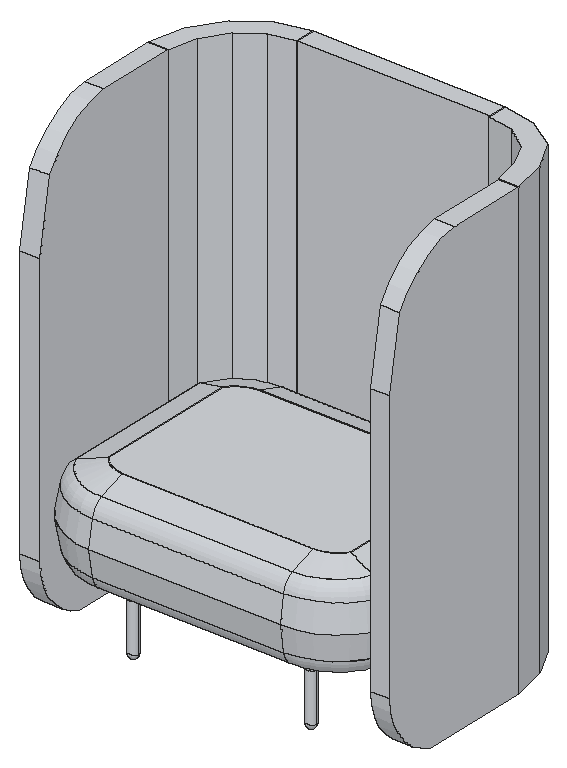
Revit family "Bernhardt-Design_Seating_Chapelle_1-Seat_Full-Wall", category Furniture, Revit 2016
Family settings
  OmniClass Number = 23.40.70.14.64
  OmniClass Title = Retail and Commercial Furnishings
  Work Plane-Based = No
  Always vertical = Yes
  Cut with Voids When Loaded = No
  Shared = No
  Room Calculation Point = No
Parameters (values of type "2 Seat Full Wall")
  Model = "Chapelle"
  Mid Wall = 4' - 1.80644"
  Length = 65' - 9"
  Description = "Seating"
  Width = 2' - 4 1/4"
  URL = "http://bernhardtdesign.com/"
  Product Page URL = "http://www.bernhardtdesign.com/products/chapelle/index.html"
  Product Name = "Chapelle"
  Product Documentation Link = "http://www.bernhardtdesign.com/pdf/pricelists/sofas/Chapelle_PL.pdf"
  Manufacturer = "Bernhardt Design"  # constant formula
  Level Certification = ""
  Height = 3' - 11 3/8"
  GreenGuard Certification = ""
  Bernhardt Fabric = none
Reference planes (in)
  plane 1 "Center (Front/Back)": y = 0
  plane 2 "Bottom": z = 0
  plane 3 "Center (Left/Right)": x = 0
  plane 4: x = -9.84486
  plane 5: x = 9.94255
  plane 6 "Total Height": z = 47.375
  plane 7 "Seat Height": z = 16.87819
  plane 8 "Base": z = 0.76323
  plane 9: y = -1.50846
  plane 10: y = -18.00846
  plane 11 "seat front edge": y = -20.50934
  plane 12: x = -18.99988
  plane 13: x = 19.00012
Forms (in)
  Extrusion 1, solid, material <- "Bernhardt Fabric"
    sketch origin (0, 0, 0) x (1, 0, 0) y (0, 1, 0)
      loop
        line (-9.84486, 8.08149) -> (-9.84486, 6.08149) -> (9.94255, 6.08149) -> (9.94255, 8.08149) -> (-9.84486, 8.08149)
    from 0.76323 to 47.375
  Extrusion 2, solid, material <- "Bernhardt Fabric"
    sketch origin (0, 0, 0) x (1, 0, 0) y (0, 1, 0)
      loop
        line (9.94255, 8.08149) -> (9.94255, 6.03681) -> (12.58766, 5.47458) -> (15.07574, 3.8588) -> (16.34123, 1.38119) -> (16.95544, -1.50846) -> (19.00012, -1.50846) -> (18.22045, 2.15959) -> (16.52155, 5.30461) -> (13.36606, 7.3538) -> (9.94255, 8.08149)
    from 0.76323 to 47.375
  Extrusion 3, solid, material <- "Bernhardt Fabric"
    sketch origin (0, 0, 0) x (1, 0, 0) y (0, 1, 0)
      loop
        line (19.00012, -1.50846) -> (17.00012, -1.50846) -> (17.00012, -18.00846) -> (19.00012, -18.00846) -> (19.00012, -1.50846)
    from 0.76323 to 47.375
  Extrusion 4, void
    sketch origin (0, 0, 0) x (0, 1, 0) y (0, 0, 1)
      loop
        line (-9.75846, 47.375) -> (-9.75846, 53.875) -> (-24.50846, 53.875) -> (-18.00846, 29.97832)
        arc (-18.00846, 29.97832) -> (-17.92454, 36.30552) -> (-16.7009, 42.51385) r 34.94218
        arc (-16.7009, 42.51385) -> (-13.79438, 45.75091) -> (-9.75846, 47.375) r 9.61187
      loop
        line (-18.00846, 7.50157) -> (-23.08796, -4.465) -> (-12.78184, 0.76323)
        arc (-12.78184, 0.76323) -> (-16.52625, 3.25506) -> (-18.00846, 7.50157) r 7.06609
    from 0 to 44.91622
  Extrusion 5, solid, material <- "Bernhardt Fabric"
    sketch origin (0, 0, 0) x (1, 0, 0) y (0, 1, 0)
      loop
        line (-13.26838, 7.3538) -> (-16.17781, 5.30461) -> (-18.22021, 2.15959) -> (-18.99988, -1.50846) -> (-16.9552, -1.50846) -> (-16.34098, 1.38119) -> (-14.732, 3.8588) -> (-12.48998, 5.47458) -> (-9.84486, 6.03681) -> (-9.84486, 8.08149) -> (-13.26838, 7.3538)
    from 0.76323 to 47.375
  Extrusion 6, solid, material <- "Bernhardt Fabric"
    sketch origin (0, 0, 0) x (1, 0, 0) y (0, 1, 0)
      loop
        line (-18.99988, -1.50846) -> (-18.99988, -18.00846) -> (-16.99988, -18.00846) -> (-16.99988, -1.50846) -> (-18.99988, -1.50846)
    from 0.76323 to 47.375
  Extrusion 7, void
    sketch origin (0, 0, 0) x (0, 1, 0) y (0, 0, 1)
      loop
        line (-1.50846, 47.375) -> (-35.50846, 72.76323) -> (-35.50846, -9.98677) -> (-1.50846, -9.98677) -> (-1.50846, 0.76323) -> (-12.78184, 0.76323)
        arc (-12.78184, 0.76323) -> (-16.52625, 3.25506) -> (-18.00846, 7.50157) r 7.06609
        line (-18.00846, 7.50157) -> (-18.00846, 35.38256)
        arc (-18.00846, 35.38256) -> (-17.54014, 38.98221) -> (-16.7009, 42.51385) r 34.94218
        arc (-16.7009, 42.51385) -> (-13.79438, 45.75091) -> (-9.75846, 47.375) r 9.61187
        line (-9.75846, 47.375) -> (-1.50846, 47.375)
    from -56.62088 to -11.41934
Cuts and joins
  Extrusion 4 cuts Extrusion 3
  Extrusion 7 cuts Extrusion 6
Lines and regions (in)
  symbolic lines
    curve 1: line (-18.22021, 2.15959, 0) -> (-18.99988, -1.50846, 0)
    curve 2: line (-16.17781, 5.30461, 0) -> (-18.22021, 2.15959, 0)
    curve 3: line (-13.26838, 7.3538, 0) -> (-16.17781, 5.30461, 0)
    curve 4: line (-9.84486, 8.08149, 0) -> (-13.26838, 7.3538, 0)
    curve 5: line (-12.48998, 5.47458, 0) -> (-9.63466, 6.08149, 0)
    curve 6: line (-14.732, 3.8588, 0) -> (-12.48998, 5.47458, 0)
    curve 7: line (-16.34098, 1.38119, 0) -> (-14.732, 3.8588, 0)
    curve 8: line (-16.99988, -1.71867, 0) -> (-16.34098, 1.38119, 0)
    curve 9: line (-16.99988, -18.00846, 0) -> (-16.99988, -1.71867, 0)
    curve 10: line (-18.99988, -18.00846, 0) -> (-16.99988, -18.00846, 0)
    curve 11: line (-18.99988, -1.50846, 0) -> (-18.99988, -18.00846, 0)
    curve 12: line (-9.63466, 6.08149, 0) -> (8.34631, 6.08149, 0)
    curve 13: line (9.94255, 8.08149, 0) -> (-9.84486, 8.08149, 0)
    curve 14: line (13.36606, 7.3538, 0) -> (9.94255, 8.08149, 0)
    curve 15: line (9.73234, 6.08149, 0) -> (12.58766, 5.47458, 0)
    curve 16: line (12.58766, 5.47458, 0) -> (15.07574, 3.8588, 0)
    curve 17: line (16.52155, 5.30461, 0) -> (13.36606, 7.3538, 0)
    curve 18: line (18.22045, 2.15959, 0) -> (16.52155, 5.30461, 0)
    curve 19: line (15.07574, 3.8588, 0) -> (16.34123, 1.38119, 0)
    curve 20: line (19.00012, -1.50846, 0) -> (18.22045, 2.15959, 0)
    curve 21: line (16.34123, 1.38119, 0) -> (17.00012, -1.71867, 0)
    curve 22: line (17.00012, -1.71867, 0) -> (17.00012, -18.00846, 0)
    curve 23: line (19.00012, -18.00846, 0) -> (19.00012, -1.50846, 0)
    curve 24: line (17.00012, -18.00846, 0) -> (19.00012, -18.00846, 0)
Dimensions and locks (in)
  "Height": plane 6 "Total Height" to level
  Extrusion 3 to plane 1 "Center (Front/Back)" = 0' - 1.50846"
  aligned and locked: plane 2 "Bottom" to level
  aligned and locked: Extrusion 1 sketch curve to plane 4
  aligned and locked: Extrusion 1 sketch curve to plane 5
  aligned and locked: Extrusion 1 to plane 8 "Base"
  aligned and locked: plane 6 "Total Height" to Extrusion 1
  aligned and locked: plane 6 "Total Height" to Extrusion 2
  aligned and locked: Extrusion 2 to plane 8 "Base"
  aligned and locked: Extrusion 1 to Extrusion 3
  aligned and locked: Extrusion 3 to plane 8 "Base"
  aligned and locked: plane 6 "Total Height" to Extrusion 3
  aligned and locked: Extrusion 3 to Extrusion 2
  aligned and locked: plane 9 to Extrusion 5 sketch curve
  aligned and locked: Extrusion 5 to Extrusion 1
  aligned and locked: plane 6 "Total Height" to Extrusion 5
  aligned and locked: Extrusion 6 sketch curve to Extrusion 5
  aligned and locked: plane 10 to Extrusion 6 sketch curve
  aligned and locked: Extrusion 6 to Extrusion 1
  aligned and locked: plane 6 "Total Height" to Extrusion 6
Automatic sketch dimensions
  Extrusion 1 sketch curve to plane 1 "Center (Front/Back)" = 0' - 6.08149"
  Extrusion 1 sketch curve to Extrusion 1 sketch curve = 0' - 2"
  Extrusion 2 sketch curve to plane 5 = 0' - 0"
  plane 9 to Extrusion 2 sketch curve = 0' - 0"
  Extrusion 2 sketch curve to plane 13 = 0' - 0"
  Extrusion 2 sketch curve to plane 1 "Center (Front/Back)" = 0' - 1.38119"
  plane 5 to Extrusion 2 sketch curve = 0' - 2.64512"
  Extrusion 2 sketch curve to Extrusion 2 sketch curve = 0' - 0.7784"  (x2)
  Extrusion 2 sketch curve to Extrusion 2 sketch curve = 0' - 2.48808"
  Extrusion 2 sketch curve to Extrusion 2 sketch curve = 0' - 1.44581"  (x2)
  plane 13 to Extrusion 2 sketch curve = 0' - 2.6589"
  plane 13 to Extrusion 2 sketch curve = 0' - 2.04468"
  plane 13 to Extrusion 2 sketch curve = 0' - 0.77967"
  Extrusion 2 sketch curve to Extrusion 2 sketch curve = 0' - 2.47761"
  Extrusion 2 sketch curve to Extrusion 2 sketch curve = 0' - 1.61577"
  Extrusion 2 sketch curve to Extrusion 2 sketch curve = 0' - 0.56224"
  Extrusion 2 sketch curve to Extrusion 2 sketch curve = 0' - 1.87923"
  Extrusion 2 sketch curve to Extrusion 2 sketch curve = 0' - 2.04468"
  plane 10 to Extrusion 3 sketch curve = 0' - 0"
  plane 9 to Extrusion 3 sketch curve = 0' - 0"
  Extrusion 3 sketch curve to plane 13 = 0' - 0"
  Extrusion 3 sketch curve to Extrusion 3 sketch curve = 0' - 2"
  Extrusion 4 sketch curve to plane 10 = 0' - 0"  (x2)
  Extrusion 4 sketch curve to plane 8 "Base" = 0' - 0"
  Extrusion 4 sketch curve to plane 6 "Total Height" = 0' - 0"
  Extrusion 4 sketch curve to level = 0' - 4.465"
  Extrusion 4 sketch curve to plane 11 "seat front edge" = 0' - 2.57862"
  Extrusion 4 sketch curve to plane 11 "seat front edge" = 0' - 3.99912"
  Extrusion 4 sketch curve to plane 10 = 0' - 5.22662"
  plane 9 to Extrusion 4 sketch curve = 0' - 8 1/4"
  Extrusion 4 sketch curve to plane 10 = 0' - 1.30756"
  plane 8 "Base" to Extrusion 4 sketch curve = 0' - 6.8226"
  Extrusion 4 sketch curve to Extrusion 4 sketch curve = 0' - 7.06559"
  plane 9 to Extrusion 4 sketch curve = 0' - 6.77278"
  Extrusion 4 sketch curve to plane 1 "Center (Front/Back)" = 1' - 4.82908"
  plane 7 "Seat Height" to Extrusion 4 sketch curve = 1' - 1.10012"
  Extrusion 4 sketch curve to Extrusion 4 sketch curve = 0' - 6 1/2"
  Extrusion 4 sketch curve to Extrusion 4 sketch curve = 1' - 2.69456"
  Extrusion 5 sketch curve to plane 12 = 0' - 0"
  Extrusion 5 sketch curve to plane 1 "Center (Front/Back)" = 0' - 1.38119"
  Extrusion 5 sketch curve to plane 12 = 0' - 0.77967"
  Extrusion 5 sketch curve to Extrusion 5 sketch curve = 0' - 2.04468"  (x2)
  Extrusion 5 sketch curve to Extrusion 5 sketch curve = 0' - 1.87923"  (x2)
  Extrusion 5 sketch curve to plane 12 = 0' - 2.82207"
  Extrusion 5 sketch curve to Extrusion 5 sketch curve = 0' - 1.44581"  (x2)
  plane 4 to Extrusion 5 sketch curve = 0' - 3.42352"
  Extrusion 5 sketch curve to Extrusion 5 sketch curve = 0' - 0.7784"  (x2)
  Extrusion 5 sketch curve to Extrusion 5 sketch curve = 0' - 2.47761"
  Extrusion 5 sketch curve to Extrusion 5 sketch curve = 0' - 1.61577"
  Extrusion 5 sketch curve to Extrusion 5 sketch curve = 0' - 0.56224"
  Extrusion 6 sketch curve to plane 12 = 0' - 0"
  Extrusion 6 sketch curve to plane 12 = 0' - 2"
  Extrusion 7 sketch curve to plane 10 = 0' - 0"
  Extrusion 7 sketch curve to plane 8 "Base" = 0' - 0"
  Extrusion 7 sketch curve to plane 6 "Total Height" = 0' - 0"
  Extrusion 7 sketch curve to plane 9 = 0' - 0"  (x2)
  Extrusion 7 sketch curve to level = 0' - 9.98677"
  Extrusion 7 sketch curve to plane 11 "seat front edge" = 1' - 2.99912"
  Extrusion 7 sketch curve to plane 10 = 0' - 5.22662"
  Extrusion 7 sketch curve to Extrusion 7 sketch curve = 0' - 8 1/4"
  Extrusion 7 sketch curve to plane 10 = 0' - 1.30756"
  plane 8 "Base" to Extrusion 7 sketch curve = 0' - 6.8226"
  Extrusion 7 sketch curve to Extrusion 7 sketch curve = 0' - 1.83897"
  plane 9 to Extrusion 7 sketch curve = 0' - 6.77278"
  Extrusion 7 sketch curve to plane 1 "Center (Front/Back)" = 1' - 4.82908"
  Extrusion 7 sketch curve to plane 6 "Total Height" = 0' - 11.99244"
  plane 6 "Total Height" to Extrusion 7 sketch curve = 2' - 1.38823"
  Extrusion 7 sketch curve to plane 6 "Total Height" = 1' - 2.69456"
  plane 9 to curve 1 = 0' - 0"
  curve 1 to plane 12 = 0' - 0"
  plane 10 to curve 10 = 0' - 0"
  curve 13 to plane 4 = 0' - 0"
  curve 13 to plane 5 = 0' - 0"
  plane 10 to curve 22 = 0' - 0"
  plane 9 to curve 23 = 0' - 0"
  curve 23 to plane 13 = 0' - 0"
  curve 2 to plane 12 = 0' - 0.77967"
  curve 10 to curve 10 = 0' - 2"
  curve 1 to curve 7 = 0' - 1.87923"
  curve 2 to plane 12 = 0' - 2.82207"
  curve 2 to curve 7 = 0' - 1.44581"
  plane 4 to curve 4 = 0' - 3.42352"
  curve 3 to curve 5 = 0' - 0.7784"
  curve 12 to plane 4 = 0' - 0.21021"
  plane 5 to curve 15 = 0' - 2.64512"
  curve 15 to curve 17 = 0' - 0.7784"
  curve 15 to curve 19 = 0' - 2.48808"
  curve 16 to curve 18 = 0' - 1.44581"  (x2)
  plane 13 to curve 21 = 0' - 2.6589"
  plane 9 to curve 22 = 0' - 0.21021"
  plane 13 to curve 22 = 0' - 2"
  plane 13 to curve 20 = 0' - 0.77967"
  plane 9 to curve 8 = 0' - 0.21021"
  curve 7 to plane 1 "Center (Front/Back)" = 0' - 1.38119"
  curve 21 to plane 1 "Center (Front/Back)" = 0' - 1.38119"
  curve 19 to curve 20 = 0' - 0.7784"
  curve 7 to curve 2 = 0' - 0.7784"
  curve 19 to curve 19 = 0' - 2.47761"
  curve 7 to curve 7 = 0' - 2.47761"
  curve 6 to curve 2 = 0' - 1.44581"
  curve 6 to curve 6 = 0' - 1.61577"
  curve 16 to curve 16 = 0' - 1.61577"
  curve 5 to curve 12 = 0' - 0.60692"
  curve 5 to curve 3 = 0' - 1.87923"
  curve 15 to curve 14 = 0' - 1.87923"
  curve 5 to curve 4 = 0' - 2"
  curve 12 to plane 5 = 0' - 1.59623"
  curve 15 to plane 5 = 0' - 0.21021"
  curve 12 to curve 15 = 0' - 0"
  Extrusion 5 sketch curve to plane 4 = 0' - 0"
Nested families (in)
  nested 1: "Bernhardt-Design_Seating_Chapelle_1-Seat_Bench" at (-0.40807, 11.52527, 0), Bernhardt Fabrics <- "Bernhardt Fabric", type "2 seater bench"
    with Leg finish none, Bernhardt Fabrics none
Definition of nested family "Bernhardt-Design_Seating_Chapelle_1-Seat_Bench"
  Parameters (values of type "1 seater bench")
    Width = 2' - 2 1/2"
    Model = "Chapelle 1 Seat Bench"
    Manufacturer = "Bernhardt Design"
    Length = 5' - 0"
    Leg finish [instance] = none
    Height = 1' - 6"
    Description = "Seating"
    Bernhardt Fabrics [instance] = none
  Reference planes (in)
    plane 1: z = 0
    plane 2: z = 47.125
    plane 3: y = -5.21875
    plane 4: x = 30.40807
    plane 5 "mid seat": z = 11.85004
    plane 6 "op seat": z = 16.98912
    plane 7: x = -9.14197
    plane 8: x = 9.14612
    plane 9: x = 0.40807
    plane 10 "front edge of bench": y = -31.62178
    plane 11 "Bench center": y = -18.53536
    plane 12 "le plane": y = -26.79581
    plane 13: x = -29.59193
    plane 14: x = -16.77176
    plane 15: x = 16.75879
  Forms (in)
    Revolve 1, solid, material <- "Leg finish"
      sketch origin (0, -26.79581, 0) x (0, 0, -1) y (1, 0, 0)
        loop
          line (-6.88986, -9.14197) -> (0, -9.14197)
          arc (0, -9.14197) -> (-0.20612, -8.7638) -> (-0.60963, -8.61318) r 0.6158
          line (-0.60963, -8.61318) -> (-5.60963, -8.61318)
          arc (-5.60963, -8.61318) -> (-6.34307, -8.34474) -> (-6.71097, -7.6558) r 1.0948
          line (-6.71097, -7.6558) -> (-6.83424, -7.6558) -> (-6.88986, -7.86336) -> (-6.88986, -9.14197)
        axis (-6.88986, -9.14197) -> (0, -9.14197)
      angle from 0 to 360
    Revolve 2, solid, material <- "Leg finish"
      sketch origin (0, -10.2749, 0) x (0, 0, -1) y (-1, 0, 0)
        loop
          line (-6.88986, 9.14197) -> (-6.88986, 7.86336) -> (-6.83424, 7.6558) -> (-6.71097, 7.6558)
          arc (-6.71097, 7.6558) -> (-6.34307, 8.34474) -> (-5.60963, 8.61318) r 1.0948
          line (-5.60963, 8.61318) -> (-0.60963, 8.61318)
          arc (-0.60963, 8.61318) -> (-0.20612, 8.7638) -> (0, 9.14197) r 0.6158
          line (0, 9.14197) -> (-6.88986, 9.14197)
        axis (-6.88986, 9.14197) -> (0, 9.14197)
      angle from 0 to 360
    Revolve 3, solid, material <- "Leg finish"
      sketch origin (-3.18385, -26.79581, 0) x (0, 0, -1) y (-1, 0, 0)
        loop
          line (-6.88986, -12.32997) -> (0, -12.32997)
          arc (0, -12.32997) -> (-0.20612, -11.9518) -> (-0.60963, -11.80118) r 0.6158
          line (-0.60963, -11.80118) -> (-5.60963, -11.80118)
          arc (-5.60963, -11.80118) -> (-6.34307, -11.53274) -> (-6.71097, -10.8438) r 1.0948
          line (-6.71097, -10.8438) -> (-6.83424, -10.8438) -> (-6.88986, -11.05136) -> (-6.88986, -12.32997)
        axis (-6.88986, -12.32997) -> (0, -12.32997)
      angle from 0 to 360
    Revolve 4, solid, material <- "Leg finish"
      sketch origin (-3.18385, -10.2749, 0) x (0, 0, -1) y (-1, 0, 0)
        loop
          line (-6.88986, -12.32997) -> (0, -12.32997)
          arc (0, -12.32997) -> (-0.20612, -11.9518) -> (-0.60963, -11.80118) r 0.6158
          line (-0.60963, -11.80118) -> (-5.60963, -11.80118)
          arc (-5.60963, -11.80118) -> (-6.34307, -11.53274) -> (-6.71097, -10.8438) r 1.0948
          line (-6.71097, -10.8438) -> (-6.83424, -10.8438) -> (-6.88986, -11.05136) -> (-6.88986, -12.32997)
        axis (-6.88986, -12.32997) -> (0, -12.32997)
      angle from 0 to 360
    Sweep 5, solid, material <- "Bernhardt Fabrics"
      path origin (0, 0, 6.71097) x (0, 1, 0) y (-1, 0, 0)
        loop
          arc (-31.62178, -9.81668) -> (-30.29712, -14.04934) -> (-26.79581, -16.77167) r 7.4246
          line (-26.79581, -16.77167) -> (-10.2749, -16.77167)
          arc (-10.2749, -16.77167) -> (-6.77359, -14.04934) -> (-5.44893, -9.81668) r 7.4246
          line (-5.44893, -9.81668) -> (-5.44893, 9.81677)
          arc (-5.44893, 9.81677) -> (-6.77359, 14.04944) -> (-10.2749, 16.77176) r 7.4246
          line (-10.2749, 16.77176) -> (-26.79581, 16.77176)
          arc (-26.79581, 16.77176) -> (-30.29712, 14.04944) -> (-31.62178, 9.81677) r 7.4246
          line (-31.62178, 9.81677) -> (-31.62178, -9.81668)
      profile origin (-0.00005, -31.62178, 6.71097) x (0, -1, 0) y (0, 0, 1)
        loop
          line (0, 5.13907) -> (-4.32844, 5.13907) -> (-4.32844, 0) -> (-1.55892, 0.88647)
          arc (-1.55892, 0.88647) -> (-0.84704, 1.53879) -> (-0.47753, 2.43085) r 2.23055
          line (-0.47753, 2.43085) -> (0, 5.13907)
    Sweep 6, solid, material <- "Bernhardt Fabrics"
      path origin (0, 0, 16.98912) x (-1, 0, 0) y (0, -1, 0)
        loop
          arc (-9.81668, 31.62178) -> (-14.04934, 30.29712) -> (-16.77167, 26.79581) r 7.4246
          line (-16.77167, 26.79581) -> (-16.77167, 10.2749)
          arc (-16.77167, 10.2749) -> (-14.04934, 6.77359) -> (-9.81668, 5.44893) r 7.4246
          line (-9.81668, 5.44893) -> (9.81677, 5.44893)
          arc (9.81677, 5.44893) -> (14.04944, 6.77359) -> (16.77176, 10.2749) r 7.4246
          line (16.77176, 10.2749) -> (16.77176, 26.79581)
          arc (16.77176, 26.79581) -> (14.04944, 30.29712) -> (9.81677, 31.62178) r 7.4246
          line (9.81677, 31.62178) -> (-9.81668, 31.62178)
      profile origin (-0.00005, -31.62178, 16.98912) x (0, -1, 0) y (0, 0, 1)
        loop
          line (0, -5.13907) -> (-0.47753, -2.43085)
          arc (-0.47753, -2.43085) -> (-0.84704, -1.53879) -> (-1.55892, -0.88647) r 2.23055
          line (-1.55892, -0.88647) -> (-4.32844, 0) -> (-4.32844, -5.13907) -> (0, -5.13907)
    Extrusion 7, solid, material <- "Bernhardt Fabrics"
      sketch origin (0, 0, 0) x (1, 0, 0) y (0, 1, 0)
        loop
          arc (-12.44331, -25.83653) -> (-11.31852, -26.90475) -> (-9.81677, -27.29334) r 3.09616
          line (-9.81677, -27.29334) -> (9.81668, -27.29334)
          arc (9.81668, -27.29334) -> (11.31843, -26.90475) -> (12.44322, -25.83653) r 3.09616
          line (12.44322, -25.83653) -> (12.44322, -11.23418)
          arc (12.44322, -11.23418) -> (11.31843, -10.16596) -> (9.81668, -9.77737) r 3.09616
          line (9.81668, -9.77737) -> (-9.81677, -9.77737)
          arc (-9.81677, -9.77737) -> (-11.31852, -10.16596) -> (-12.44331, -11.23418) r 3.09616
          line (-12.44331, -11.23418) -> (-12.44331, -25.83653)
      from 6.71097 to 16.98912
  Lines and regions (in)
    symbolic lines
      curve 1: line (8.51172, -5.21875, 16.98912) -> (-8.50757, -5.21875, 16.98912)
  Dimensions and locks (in)
    locked: plane 2 to level at 47.125
    "Length": plane 13 to plane 4
    equal spacing: plane 13, plane 9, plane 4
    aligned and locked: level to plane 1
    aligned and locked: Revolve 1 sketch curve to plane 7
    aligned and locked: Revolve 1 sketch curve to Revolve 1 sketch curve
    aligned and locked: Revolve 2 sketch curve to Revolve 2 sketch curve
    aligned and locked: Revolve 3 sketch curve to Revolve 3 sketch curve
    aligned and locked: Revolve 4 sketch curve to Revolve 4 sketch curve
  Automatic sketch dimensions
    Revolve 1 sketch curve to level = 0' - 0"  (x2)
    Revolve 1 sketch curve to plane 7 = 0' - 0.08702"
    level to Revolve 1 sketch curve = 0' - 0.60963"
    Revolve 1 sketch curve to Revolve 1 sketch curve = 0' - 5"
    Revolve 1 sketch curve to Revolve 1 sketch curve = 0' - 0.01519"
    Revolve 1 sketch curve to Revolve 1 sketch curve = 0' - 1.08616"
    plane 7 to Revolve 1 sketch curve = 0' - 1.48617"
    Revolve 1 sketch curve to Revolve 1 sketch curve = 0' - 0.12327"
    Revolve 1 sketch curve to Revolve 1 sketch curve = 0' - 1.28023"
    Revolve 1 sketch curve to Revolve 1 sketch curve = 0' - 0.20756"
    Revolve 1 sketch curve to Revolve 1 sketch curve = 0' - 0"
    Revolve 2 sketch curve to plane 7 = 0' - 0"
    Revolve 2 sketch curve to level = 0' - 0"  (x2)
    Revolve 2 sketch curve to plane 7 = 0' - 0.08702"
    level to Revolve 2 sketch curve = 0' - 0.60963"
    Revolve 2 sketch curve to Revolve 2 sketch curve = 0' - 5"
    Revolve 2 sketch curve to Revolve 2 sketch curve = 0' - 0.01519"
    Revolve 2 sketch curve to Revolve 2 sketch curve = 0' - 1.08616"
    plane 7 to Revolve 2 sketch curve = 0' - 1.48617"
    Revolve 2 sketch curve to Revolve 2 sketch curve = 0' - 0.12327"
    Revolve 2 sketch curve to Revolve 2 sketch curve = 0' - 1.28023"
    Revolve 2 sketch curve to Revolve 2 sketch curve = 0' - 0.20756"
    Revolve 2 sketch curve to Revolve 2 sketch curve = 0' - 0"
    plane 8 to Revolve 3 sketch curve = 0' - 0"
    Revolve 3 sketch curve to level = 0' - 0"  (x2)
    plane 8 to Revolve 3 sketch curve = 0' - 0.08702"
    Revolve 3 sketch curve to level = 0' - 0.60963"
    Revolve 3 sketch curve to Revolve 3 sketch curve = 0' - 5"
    Revolve 3 sketch curve to Revolve 3 sketch curve = 0' - 0.01519"
    Revolve 3 sketch curve to Revolve 3 sketch curve = 0' - 1.08616"
    Revolve 3 sketch curve to plane 8 = 0' - 1.48617"
    Revolve 3 sketch curve to Revolve 3 sketch curve = 0' - 0.12327"
    Revolve 3 sketch curve to Revolve 3 sketch curve = 0' - 1.28023"
    Revolve 3 sketch curve to Revolve 3 sketch curve = 0' - 0.20756"
    Revolve 3 sketch curve to Revolve 3 sketch curve = 0' - 0"
    plane 8 to Revolve 4 sketch curve = 0' - 0"
    Revolve 4 sketch curve to level = 0' - 0"  (x2)
    Revolve 4 sketch curve to plane 8 = 0' - 0.08702"
    level to Revolve 4 sketch curve = 0' - 0.60963"
    Revolve 4 sketch curve to Revolve 4 sketch curve = 0' - 5"
    Revolve 4 sketch curve to Revolve 4 sketch curve = 0' - 0.01519"
    Revolve 4 sketch curve to Revolve 4 sketch curve = 0' - 1.08616"
    plane 8 to Revolve 4 sketch curve = 0' - 1.48617"
    Revolve 4 sketch curve to Revolve 4 sketch curve = 0' - 0.12327"
    Revolve 4 sketch curve to Revolve 4 sketch curve = 0' - 1.28023"
    Revolve 4 sketch curve to Revolve 4 sketch curve = 0' - 0.20756"
    Revolve 4 sketch curve to Revolve 4 sketch curve = 0' - 0"
    Sweep 5 sketch curve to plane 10 "front edge of bench" = 0' - 0"
    plane 12 "le plane" to Sweep 5 sketch curve = 0' - 0"  (x2)
    Sweep 5 sketch curve to plane 14 = 0' - 0"
    Sweep 5 sketch curve to plane 12 "le plane" = 0' - 2.59864"  (x2)
    plane 11 "Bench center" to Sweep 5 sketch curve = 0' - 5.66182"  (x2)
    plane 15 to Sweep 5 sketch curve = 0' - 0.01288"
    plane 3 to Sweep 5 sketch curve = 0' - 5.05615"  (x2)
    plane 3 to Sweep 5 sketch curve = 0' - 0.23018"
    Sweep 5 sketch curve to profile plane = 0' - 0"  (x2)
    profile plane to Sweep 5 sketch curve = 0' - 0.47753"
    profile plane to Sweep 5 sketch curve = 0' - 1.55892"
    Sweep 5 sketch curve to Sweep 5 sketch curve = 0' - 2.19666"
    Sweep 5 sketch curve to Sweep 5 sketch curve = 0' - 1.65425"
    profile plane to Sweep 5 sketch curve = 0' - 0.88647"
    Sweep 5 sketch curve to Sweep 5 sketch curve = 0' - 1.54438"
    Sweep 5 sketch curve to Sweep 5 sketch curve = 0' - 2.70822"
    plane 12 "le plane" to Sweep 6 sketch curve = 0' - 0"  (x2)
    Sweep 6 sketch curve to plane 10 "front edge of bench" = 0' - 0"
    Sweep 6 sketch curve to plane 14 = 0' - 0"
    plane 11 "Bench center" to Sweep 6 sketch curve = 0' - 5.66182"
    plane 14 to Sweep 6 sketch curve = 0' - 6.95499"
    Sweep 6 sketch curve to plane 12 "le plane" = 0' - 2.59864"
    Sweep 6 sketch curve to plane 15 = 0' - 6.94211"  (x2)
    plane 3 to Sweep 6 sketch curve = 0' - 0.23018"
    plane 15 to Sweep 6 sketch curve = 0' - 0.01288"
    plane 3 to Sweep 6 sketch curve = 0' - 5.05615"
    Sweep 6 sketch curve to profile plane = 0' - 0"  (x2)
    profile plane to Sweep 6 sketch curve = 0' - 0.47753"
    profile plane to Sweep 6 sketch curve = 0' - 1.55892"
    Sweep 6 sketch curve to Sweep 6 sketch curve = 0' - 2.19666"
    Sweep 6 sketch curve to Sweep 6 sketch curve = 0' - 1.65425"
    Sweep 6 sketch curve to profile plane = 0' - 0.88647"
    Sweep 6 sketch curve to Sweep 6 sketch curve = 0' - 1.54438"
    Sweep 6 sketch curve to Sweep 6 sketch curve = 0' - 2.70822"
    plane 14 to Extrusion 7 sketch curve = 0' - 4.32844"
    Extrusion 7 sketch curve to Extrusion 7 sketch curve = 0' - 2.62654"  (x3)
    Extrusion 7 sketch curve to plane 15 = 0' - 6.94211"  (x2)
    Extrusion 7 sketch curve to plane 12 "le plane" = 0' - 2.59864"  (x2)
    Extrusion 7 sketch curve to plane 12 "le plane" = 0' - 0.95928"
    plane 11 "Bench center" to Extrusion 7 sketch curve = 0' - 5.66182"
    plane 3 to Extrusion 7 sketch curve = 0' - 7.65478"
    Extrusion 7 sketch curve to Extrusion 7 sketch curve = 0' - 1.63935"
    plane 3 to curve 1 = 0' - 0"
    plane 8 to curve 1 = 0' - 0.6344"
    plane 7 to curve 1 = 0' - 0.6344"
